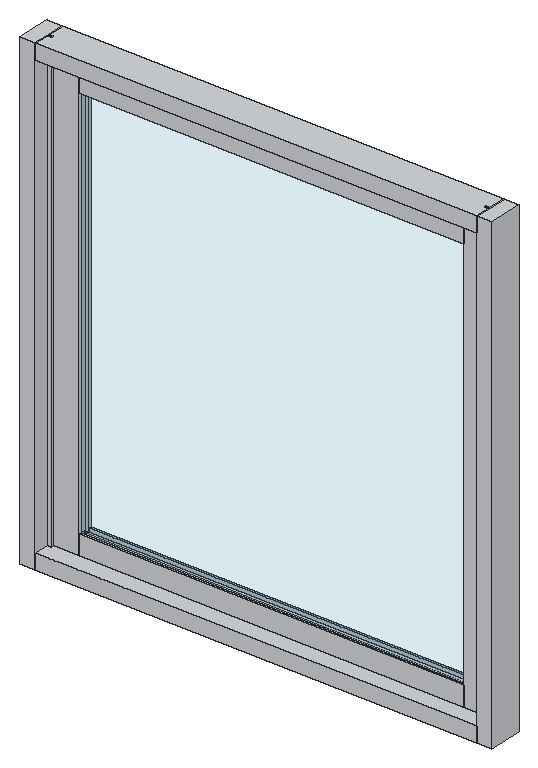
Revit family "Gas Strut Servery Window", category Windows, host Wall, Revit 2021
Family settings
  Host = Wall
  OmniClass Number = 23.30.20.00
  OmniClass Title = Windows
  Always vertical = Yes
  Cut with Voids When Loaded = No
  Shared = No
  Room Calculation Point = No
Parameters (values of type "OX/XO")
  YEAR = "2022"  # constant formula
  Width = 0.0000 mm  # constant formula
  URL = "https://www.alspec.com.au/gas-strut-servery-window"
  Thickness = 0.0000 mm  # constant formula
  Single Glazed Thickness (6-13.5mm) [instance] = 12.0000 mm
  Single Glazed [instance] = not(Double Glazed)  # no
  Sill Offset 2 [instance] = 15.9930 mm  # constant formula
  Sill Offset [instance] = 6.0000 mm  # constant formula
  Sash Material [instance] = none
  Rough Width = 0.0000 mm  # constant formula
  Rough Height = 0.0000 mm  # constant formula
  Overall Width [instance] = 1400.0000 mm
  Offset [instance] = 1400.0000 mm
  Midrail [instance] = no
  Meeting 1 = 45.0000 mm  # constant formula
  Overall Height [instance] = 1400.0000 mm
  Model = "Gas Strut Servery Window"  # constant formula
  Manufacturer = "ALSPEC"
  Height = 0.0000 mm  # constant formula
  Head Offset 2 [instance] = 84.8025 mm  # constant formula
  Head Offset [instance] = 75.0000 mm  # constant formula
  Glazed Material [instance] = Glass
  Frame Material [instance] = none
  External Frame Thk = 44.5000 mm  # constant formula
  Double Glazed Thickness [instance] = 24.0000 mm
  Double Glazed [instance] = yes
  Define Thermal Properties by = Schematic Type
  Default Sill Height = 1400.0000 mm
  Wall Closure = By host
  CREATOR = "Viraj Mhatre"  # constant formula
  COMPANY = "ALSPEC"  # constant formula
  Analytic Construction = "<None>"
  Air Pocket (Double Glazing Only) [instance] = 8.0000 mm  # constant formula
Reference planes
  plane 1 "Center (Front/Back)": y = 0
  plane 2 "Center (Left/Right)": x = 0
  plane 3 "Left": x = -655.5
  plane 4 "Right": x = 655.5
  plane 5 "Sill": z = 1400
  plane 6 "Head": z = 2800
  plane 7 "Exterior": y = 100
  plane 8 "Interior": y = -100
  plane 9: y = -1338
  plane 10: y = 14
  plane 11 "FRAME CENTRE": y = 42
  plane 12: y = -1317.4
  plane 13: x = -655.5
  plane 14: x = 655.5
  plane 15: x = 655.5
  plane 16: x = 20.5
  plane 17: x = -700
  plane 18: x = 700
  plane 19: z = 2755.5
  plane 20: z = 2752.5
  plane 21: x = -2
  plane 22: x = 43
  plane 23: x = -328.75
  plane 24: x = 349.25
  plane 25: y = -1248
  plane 26: z = 2076.25
  plane 27: y = -1350.8
  plane 28: x = -665.5
  plane 29: x = 665.5
  plane 30: y = -1300
  plane 31: y = -1322.5
  plane 32: z = 1419.001
  plane 33: x = -651.5
  plane 34: x = 651.5
Forms (mm)
  Extrusion 1, solid, material <- "Frame Material"
    sketch origin (-655.5, 0, 0) x (0, -1, 0) y (0, 0, 1)
      loop
        line (1355.95, 2755.5) -> (1401.6, 2755.5) -> (1401.6, 2800) -> (1300, 2800) -> (1300, 2755.5) -> (1349.85, 2755.5) -> (1349.85, 2742.837) -> (1355.95, 2742.837) -> (1355.95, 2755.5)
      loop
        line (1401.6, 1400) -> (1401.6, 1444.4) -> (1350.8, 1444.4) -> (1350.8, 1430.9) -> (1358.8, 1430.9) -> (1358.8, 1414) -> (1300, 1414) -> (1300, 1400) -> (1401.6, 1400)
    from -1311 to 0
  Extrusion 2, solid, material <- "Frame Material"
    sketch origin (0, 0, 0) x (1, 0, 0) y (0, 1, 0)
      loop
        line (-700, -1401.6) -> (-655.5, -1401.6) -> (-655.5, -1355.95) -> (-642.837, -1355.95) -> (-642.837, -1349.85) -> (-655.5, -1349.85) -> (-655.5, -1300) -> (-700, -1300) -> (-700, -1401.6)
      loop
        line (700, -1401.6) -> (700, -1300) -> (655.5, -1300) -> (655.5, -1349.85) -> (642.837, -1349.85) -> (642.837, -1355.95) -> (655.5, -1355.95) -> (655.5, -1401.6) -> (700, -1401.6)
    from 1400 to 2800
Lines and regions (mm)
  Opening 1
    outline origin (3600, -100, 75) x (1, 0, 0) y (0, 0, 1)
      loop
        line (-2900, 1325) -> (-2900, 2725) -> (-4300, 2725) -> (-4300, 1325) -> (-2900, 1325)
  Masking region 1
    outline origin (-655.5, 0, 0) x (0, -1, 0) y (0, 0, 1)
      loop
        line (1300, 2755.5) -> (1349.85, 2755.5) -> (1349.85, 2742.837) -> (1355.95, 2742.837) -> (1355.95, 2755.5) -> (1401.6, 2755.5) -> (1401.6, 2800) -> (1300, 2800) -> (1300, 2755.5)
      loop
        line (1401.6, 1400) -> (1401.6, 1444.4) -> (1350.8, 1444.4) -> (1350.8, 1430.9) -> (1358.8, 1430.9) -> (1358.8, 1414) -> (1300, 1414) -> (1300, 1400) -> (1401.6, 1400)
  Masking region 2
    outline origin (0, 0, 0) x (1, 0, 0) y (0, 1, 0)
      loop
        line (-700, -1401.6) -> (-655.5, -1401.6) -> (-655.5, -1355.95) -> (-642.837, -1355.95) -> (-642.837, -1349.85) -> (-655.5, -1349.85) -> (-655.5, -1300) -> (-700, -1300) -> (-700, -1401.6)
      loop
        line (700, -1401.6) -> (700, -1300) -> (655.5, -1300) -> (655.5, -1349.85) -> (642.837, -1349.85) -> (642.837, -1355.95) -> (655.5, -1355.95) -> (655.5, -1401.6) -> (700, -1401.6)
  symbolic lines, style "WindowsHiddenLines"
    curve 1: line (-651.5, -100, 2752.5) -> (0, -100, 1419.001)
    curve 2: line (651.5, -100, 2752.5) -> (0, -100, 1419.001)
Text (mm)
  text "EXTERIOR" at (-1886.484, -724.686, 0), in view "Ref. Level"
  text "INTERIOR" at (-1963.203, 1176.318, 0), in view "Ref. Level"
  text "Exterior" at (0, 923.751, 2943.296), in view "Right"
  text "Exterior" at (0, 1040.484, 2685.409), in view "Left"
Dimensions and locks
  "Overall Height": plane 5 "Sill" to plane 6 "Head"
  locked: plane 7 "Exterior" to host wall
  locked: plane 8 "Interior" to host wall
  "Offset": plane 30 to plane 7 "Exterior"
  "External Frame Thk": plane 4 "Right" to plane 18
  "Overall Width": plane 17 to plane 18
  equal spacing: plane 21, plane 16, plane 22
  "Meeting 1": plane 21 to plane 22
  locked: plane 25 to plane 9 at 90
  equal spacing: plane 21, plane 23, plane 13
  equal spacing: plane 15, plane 24, plane 22
  plane 17 to plane 16 to plane 18 = 720.5000 mm, 679.5000 mm
  equal spacing: plane 13, plane 2 "Center (Left/Right)", plane 15
  "External Frame Thk": plane 17 to plane 13
  locked: plane 28 to plane 13 at 10
  locked: plane 15 to plane 29 at 10
  locked: plane 9 to plane 30 at 38
  plane 12 to plane 9 to plane 27 = 20.6000 mm locked, 12.7997 mm locked
  equal spacing: plane 20, plane 26, plane 5 "Sill"
  "Default Sill Height": plane 5 "Sill" to level
  locked: plane 19 to plane 6 "Head" at 44.5
  locked: plane 19 to plane 20 at 3
  locked: plane 12 to plane 31 at 5.1
  locked: plane 32 to plane 5 "Sill" at 19.001
  locked: plane 34 to plane 15 at 4
  locked: plane 13 to plane 33 at 4
  aligned and locked: Opening 1 sketch curve to plane 6 "Head"
  aligned and locked: plane 13 to plane 3 "Left"
  aligned and locked: plane 14 to plane 4 "Right"
  aligned and locked: plane 17 to Opening 1 sketch curve
  aligned and locked: plane 18 to Opening 1 sketch curve
  aligned and locked: Opening 1 sketch curve to plane 5 "Sill"
  aligned and locked: host wall to level
  aligned and locked: plane 15 to plane 4 "Right"
  aligned and locked: plane 31 to nested 2
  aligned and locked: nested 1 to plane 31
  aligned and locked: nested 2 to plane 13
  aligned and locked: nested 1 to plane 15
  aligned and locked: plane 31 to nested 3
  aligned and locked: plane 31 to nested 4
  aligned and locked: nested 3 to plane 6 "Head"
  aligned and locked: nested 3 to Masking region 1 sketch curve  (x2)
  aligned and locked: Masking region 1 sketch curve to nested 3  (x6)
  aligned and locked: Extrusion 1 sketch curve to nested 3  (x6)
  aligned and locked: nested 3 to Extrusion 1 sketch curve  (x2)
  aligned and locked: plane 15 to Extrusion 1
  aligned and locked: Extrusion 1 to plane 13
  aligned and locked: Masking region 2 sketch curve to nested 2  (x8)
  aligned and locked: Masking region 2 sketch curve to nested 1  (x8)
  aligned and locked: Extrusion 2 sketch curve to nested 2  (x8)
  aligned and locked: Extrusion 2 sketch curve to nested 1  (x8)
  aligned and locked: Extrusion 2 to plane 6 "Head"
  aligned and locked: plane 5 "Sill" to Extrusion 2
  aligned and locked: nested 4 to plane 5 "Sill"
  aligned and locked: Extrusion 1 sketch curve to nested 4  (x7)
  aligned and locked: nested 4 to Extrusion 1 sketch curve
  aligned and locked: Masking region 1 sketch curve to nested 4  (x7)
  aligned and locked: nested 4 to Masking region 1 sketch curve
  aligned and locked: plane 20 to nested 5
  aligned and locked: nested 5 to plane 32
  aligned and locked: nested 6 to plane 32
  aligned and locked: plane 20 to nested 6
  aligned and locked: plane 31 to nested 6
  aligned and locked: plane 31 to nested 5
  aligned and locked: nested 6 to plane 33
  aligned and locked: nested 6 to plane 34
  aligned and locked: nested 5 to plane 34
  aligned and locked: nested 5 to plane 33
  aligned and locked: plane 20 to curve 1
  aligned and locked: plane 34 to curve 2
  aligned and locked: plane 20 to curve 2
  aligned and locked: plane 33 to curve 1
  aligned and locked: plane 32 to curve 2
Automatic sketch dimensions
  Masking region 2 sketch curve to plane 17 = 0.0000 mm
  Masking region 2 sketch curve to plane 3 "Left" = 0.0000 mm  (x2)
  plane 30 to Masking region 2 sketch curve = 0.0000 mm  (x2)
  plane 27 to Masking region 2 sketch curve = 0.9502 mm  (x2)
  Masking region 2 sketch curve to Masking region 2 sketch curve = 12.6630 mm
  Masking region 2 sketch curve to plane 27 = 5.1498 mm  (x2)
  Masking region 2 sketch curve to plane 27 = 50.8003 mm
  Masking region 2 sketch curve to plane 4 "Right" = 0.0000 mm  (x2)
  Masking region 2 sketch curve to plane 18 = 0.0000 mm
  plane 4 "Right" to Masking region 2 sketch curve = 12.6630 mm
  Masking region 2 sketch curve to Masking region 2 sketch curve = 45.6505 mm
  Extrusion 2 sketch curve to plane 17 = 0.0000 mm
  Extrusion 2 sketch curve to plane 3 "Left" = 0.0000 mm  (x2)
  plane 30 to Extrusion 2 sketch curve = 0.0000 mm  (x2)
  plane 27 to Extrusion 2 sketch curve = 0.9502 mm  (x2)
  Extrusion 2 sketch curve to Extrusion 2 sketch curve = 12.6630 mm
  Extrusion 2 sketch curve to plane 27 = 5.1498 mm  (x2)
  Extrusion 2 sketch curve to plane 27 = 50.8003 mm
  Extrusion 2 sketch curve to plane 4 "Right" = 0.0000 mm  (x2)
  Extrusion 2 sketch curve to plane 18 = 0.0000 mm
  plane 4 "Right" to Extrusion 2 sketch curve = 12.6630 mm
  Extrusion 2 sketch curve to Extrusion 2 sketch curve = 45.6505 mm
  plane 2 "Center (Left/Right)" to curve 2 = 0.0000 mm
Nested families
  nested 1: "External Frame_ME1 ME7.dwg" at (651.5, -1322.5, 0) x (-1, 0, 0) z (0, 0, 1), type "External Frame_ME1 ME7.dwg", detail levels fine
  nested 2: "External Frame_ME1 ME7.dwg" at (-651.5, -1322.5, 0), type "External Frame_ME1 ME7.dwg", detail levels fine
  nested 3: "External Head_ME1 ME7.dwg" at (-655.5, -1322.5, 2752.5) x (0, -1, 0) z (-1, 0, 0), type "External Head_ME1 ME7.dwg", detail levels fine
  nested 4: "External Sill_AS2366.dwg" at (-655.5, -1322.5, 1419.001) x (0, -1, 0) z (-1, 0, 0), type "External Sill_AS2366.dwg", detail levels fine
  nested 5: "Gas Strut Window- DG Panel" at (0, -1322.5, 1419.001), visible <- "Double Glazed", type "Torrens  Pane Slidingl_Dbl Glzd"
    with Sash Material none, Panel Width 1303.0000 mm, Height 1333.4986 mm, Glazed Material Glass, Frame Material none, Double Glazed Thickness 24.0000 mm, DG Control 24.0000 mm
  nested 6: "Gas Strut Window- SG Panel" at (0, -1322.5, 1419.001), visible <- "Single Glazed", type "Torrens  Pane Slidingl_Dbl Glzd"
    with Single Glazed Thickness 8.0000 mm, Sash Material none, SG Control 8.0000 mm, Panel Width 1303.0000 mm, Height 1333.4986 mm, Glazed Material Glass, Frame Material none
Definition of nested family "Gas Strut Window- DG Panel"
  Parameters (values of type "Torrens  Pane Slidingl_Dbl Glzd")
    URL = "https://www.alspec.com.au/torrens-45mm-commercial-shopfront-door"
    Sash Material [instance] = none
    Panel Width [instance] = 900.0000 mm
    Model = "Torrens 45mm Commercial Shopfront Door- Bottom Track Double- SG&DG"
    Manufacturer = "ALSPEC"  # constant formula
    Height [instance] = 1800.0000 mm
    Glazed Material [instance] = none
    Frame Material [instance] = none
    Double Glazed Thickness [instance] = 24.0000 mm
    Default Elevation = 0.0000 mm
    DG Control [instance] = if(Double Glazed Thickness > 28.0000 mm, 28.0000 mm, if(Double Glazed Thickness < 18.0000 mm, 18.0000 mm, Double Glazed Thickness))  # 24.0000 mm
    Creator = "Viraj Mhatre"  # constant formula
    Air Pocket = 10.0000 mm
  Reference planes
    plane 1 "Center (Front/Back)": y = 0
    plane 2: z = 0
    plane 3 "Center (Left/Right)": x = 0
    plane 4: x = -450
    plane 5: x = 450
    plane 6: x = -382
    plane 7: x = 382
    plane 8: z = 1800
    plane 9: z = 68
    plane 10: z = 1732
    plane 11: z = 900
    plane 12: z = 80
    plane 13: z = 1720
    plane 14: x = 370
    plane 15: x = -370
    plane 16: y = 12
    plane 17: y = -12
    plane 18: y = 5
    plane 19: y = -5
  Forms (mm)
    Extrusion 1, solid, material <- "Sash Material"
      sketch origin (0, 0, 0) x (1, 0, 0) y (0, 1, 0)
        loop
          line (450, -22.5) -> (450, 22.5) -> (370, 22.5) -> (370, 15.044) -> (382, 15.044) -> (382, -15.044) -> (370, -15.044) -> (370, -22.5) -> (450, -22.5)
        loop
          line (-450, -22.5) -> (-370, -22.5) -> (-370, -15.044) -> (-382, -15.044) -> (-382, 15.044) -> (-370, 15.044) -> (-370, 22.5) -> (-450, 22.5) -> (-450, -22.5)
      from 0 to 1800
    Extrusion 2, solid, material <- "Sash Material"
      sketch origin (0, 0, 0) x (0, 1, 0) y (0, 0, 1)
        loop
          line (-22.5, 1800) -> (-22.5, 1720) -> (-15.286, 1720) -> (-15.286, 1732) -> (15.286, 1732) -> (15.286, 1720) -> (22.5, 1720) -> (22.5, 1800) -> (-22.5, 1800)
        loop
          line (-22.5, 0) -> (22.5, 0) -> (22.5, 80) -> (15.286, 80) -> (15.286, 68) -> (-15.286, 68) -> (-15.286, 80) -> (-22.5, 80) -> (-22.5, 0)
      from -370 to 370
    Extrusion 3, solid, material <- "Glazed Material"
      sketch origin (0, 0, 0) x (1, 0, 0) y (0, 1, 0)
        loop
          line (-382, 12) -> (-382, 5) -> (382, 5) -> (382, 12) -> (-382, 12)
        loop
          line (-382, -5) -> (-382, -12) -> (382, -12) -> (382, -5) -> (-382, -5)
      from 68 to 1732
  Lines and regions (mm)
    Masking region 1
      outline origin (0, 0, 0) x (1, 0, 0) y (0, 1, 0)
        loop
          line (450, -22.5) -> (450, 22.5) -> (370, 22.5) -> (370, 15.044) -> (382, 15.044) -> (382, -15.044) -> (370, -15.044) -> (370, -22.5) -> (450, -22.5)
        loop
          line (-450, -22.5) -> (-370, -22.5) -> (-370, -15.044) -> (-382, -15.044) -> (-382, 15.044) -> (-370, 15.044) -> (-370, 22.5) -> (-450, 22.5) -> (-450, -22.5)
    Masking region 2
      outline origin (0, 0, 0) x (0, 1, 0) y (0, 0, 1)
        loop
          line (22.5, 1720) -> (22.5, 1800) -> (-22.5, 1800) -> (-22.5, 1720) -> (-15.286, 1720) -> (-15.286, 1732) -> (15.286, 1732) -> (15.286, 1720) -> (22.5, 1720)
        loop
          line (-22.5, 0) -> (22.5, 0) -> (22.5, 80) -> (15.286, 80) -> (15.286, 68) -> (-15.286, 68) -> (-15.286, 80) -> (-22.5, 80) -> (-22.5, 0)
  Dimensions and locks
    equal spacing: plane 4, plane 3 "Center (Left/Right)", plane 5
    "Panel Width": plane 4 to plane 5
    equal spacing: plane 8, plane 11, plane 2
    equal spacing: plane 16, plane 1 "Center (Front/Back)", plane 17
    "DG Control": plane 16 to plane 17
    "Height": plane 8 to plane 2
    equal spacing: plane 18, plane 1 "Center (Front/Back)", plane 19
    "Air Pocket": plane 18 to plane 19
    locked: plane 4 to plane 6 at 68
    locked: plane 6 to plane 15 at 12
    locked: plane 14 to plane 7 at 12
    locked: plane 7 to plane 5 at 68
    locked: plane 8 to plane 10 at 68
    locked: plane 10 to plane 13 at 12
    locked: plane 12 to plane 9 at 12
    locked: plane 9 to level at 68
    aligned and locked: level to plane 2
    aligned and locked: plane 8 to Extrusion 1
    aligned and locked: Extrusion 1 to plane 2
    aligned and locked: plane 14 to Extrusion 2
    aligned and locked: Extrusion 2 to plane 15
    aligned and locked: plane 1 "Center (Front/Back)" to nested 1
    aligned and locked: nested 2 to plane 1 "Center (Front/Back)"
    aligned and locked: nested 3 to plane 13
    aligned and locked: nested 4 to plane 1 "Center (Front/Back)"
    aligned and locked: plane 1 "Center (Front/Back)" to nested 3
    aligned and locked: Extrusion 2 sketch curve to nested 3  (x8)
    aligned and locked: Extrusion 2 sketch curve to nested 4  (x8)
    aligned and locked: Masking region 2 sketch curve to nested 3  (x8)
    aligned and locked: Masking region 2 sketch curve to nested 4  (x8)
    aligned and locked: Extrusion 3 sketch curve to plane 16
    aligned and locked: Extrusion 3 sketch curve to plane 18
    aligned and locked: Extrusion 3 sketch curve to plane 19
    aligned and locked: Extrusion 3 sketch curve to plane 17
    aligned and locked: Extrusion 3 sketch curve to Extrusion 3 sketch curve  (x2)
    aligned and locked: Extrusion 3 to plane 6
    aligned and locked: plane 7 to Extrusion 3
    aligned and locked: Extrusion 3 to plane 9
    aligned and locked: plane 10 to Extrusion 3
    aligned and locked: plane 14 to nested 2
    aligned and locked: Masking region 1 sketch curve to nested 2  (x8)
    aligned and locked: Extrusion 1 sketch curve to nested 2  (x8)
    aligned and locked: plane 15 to nested 1
    aligned and locked: Masking region 1 sketch curve to nested 1  (x8)
    aligned and locked: Extrusion 1 sketch curve to nested 1  (x8)
  Automatic sketch dimensions
    Extrusion 2 sketch curve to plane 13 = 0.0000 mm  (x2)
    Extrusion 2 sketch curve to plane 10 = 0.0000 mm
    Extrusion 2 sketch curve to plane 8 = 0.0000 mm
    Extrusion 2 sketch curve to plane 17 = 10.5000 mm  (x2)
    Extrusion 2 sketch curve to plane 17 = 3.2861 mm  (x2)
    plane 16 to Extrusion 2 sketch curve = 3.2861 mm  (x2)
    plane 16 to Extrusion 2 sketch curve = 10.5000 mm
    Extrusion 2 sketch curve to plane 12 = 0.0000 mm  (x2)
    Extrusion 2 sketch curve to level = 0.0000 mm
    Extrusion 2 sketch curve to plane 9 = 0.0000 mm
    Extrusion 2 sketch curve to Extrusion 2 sketch curve = 7.2139 mm
    Masking region 2 sketch curve to plane 13 = 0.0000 mm  (x2)
    Masking region 2 sketch curve to plane 8 = 0.0000 mm
    Masking region 2 sketch curve to plane 10 = 0.0000 mm
    Masking region 2 sketch curve to plane 17 = 10.5000 mm  (x2)
    Masking region 2 sketch curve to plane 17 = 3.2861 mm  (x2)
    plane 16 to Masking region 2 sketch curve = 3.2861 mm  (x2)
    plane 16 to Masking region 2 sketch curve = 10.5000 mm
    Masking region 2 sketch curve to level = 0.0000 mm
    Masking region 2 sketch curve to plane 12 = 0.0000 mm  (x2)
    Masking region 2 sketch curve to plane 9 = 0.0000 mm
    Masking region 2 sketch curve to Masking region 2 sketch curve = 7.2139 mm
    Extrusion 3 sketch curve to Extrusion 3 sketch curve = 764.0000 mm
    plane 4 to Extrusion 3 sketch curve = 832.0000 mm
    Masking region 1 sketch curve to plane 14 = 0.0000 mm  (x2)
    Masking region 1 sketch curve to plane 7 = 0.0000 mm
    Masking region 1 sketch curve to plane 5 = 0.0000 mm
    Masking region 1 sketch curve to plane 17 = 10.5000 mm  (x2)
    Masking region 1 sketch curve to plane 17 = 3.0445 mm  (x2)
    plane 16 to Masking region 1 sketch curve = 3.0445 mm  (x2)
    plane 16 to Masking region 1 sketch curve = 10.5000 mm
    Extrusion 1 sketch curve to plane 14 = 0.0000 mm  (x2)
    Extrusion 1 sketch curve to plane 7 = 0.0000 mm
    Extrusion 1 sketch curve to plane 5 = 0.0000 mm
    Extrusion 1 sketch curve to plane 17 = 10.5000 mm  (x2)
    Extrusion 1 sketch curve to plane 17 = 3.0445 mm  (x2)
    plane 16 to Extrusion 1 sketch curve = 3.0445 mm  (x2)
    plane 16 to Extrusion 1 sketch curve = 10.5000 mm
    Masking region 1 sketch curve to plane 4 = 0.0000 mm
    Masking region 1 sketch curve to plane 6 = 0.0000 mm
    Masking region 1 sketch curve to plane 15 = 0.0000 mm  (x2)
    Masking region 1 sketch curve to Masking region 1 sketch curve = 7.4555 mm
    Extrusion 1 sketch curve to plane 4 = 0.0000 mm
    Extrusion 1 sketch curve to plane 6 = 0.0000 mm
    Extrusion 1 sketch curve to plane 15 = 0.0000 mm  (x2)
    Extrusion 1 sketch curve to Extrusion 1 sketch curve = 7.4555 mm
  Nested families
    nested 1: "Jamb_SE422-DG.dwg" at (-450, 0, 0), type "Jamb_SE422-DG.dwg"
    nested 2: "Jamb_SE422-DG.dwg" at (450, 0, 0) x (-1, 0, 0) z (0, 0, 1), type "Jamb_SE422-DG.dwg"
    nested 3: "Internal Head & Sill_SE422- DG.dwg" at (0, 0, 1800) x (0, -1, 0) z (1, 0, 0), type "Internal Head & Sill_SE422- DG.dwg"
    nested 4: "Internal Head & Sill_SE422- DG.dwg" at (0, 0, 0) x (0, -1, 0) z (1, 0, 0), type "Internal Head & Sill_SE422- DG.dwg"
  Definition of nested family "Jamb_SE422-DG.dwg"
    Reference planes
      plane 1 "Center (Front/Back)": y = 0
      plane 2: z = 0
      plane 3 "Center (Left/Right)": x = 0
      plane 4: x = 80
      plane 5: x = 68
      plane 6: y = 22.5
      plane 7: y = -22.5
    Dimensions and locks
      aligned and locked: plane 3 "Center (Left/Right)" to import instance
      aligned and locked: import instance to plane 1 "Center (Front/Back)"
      aligned and locked: plane 7 to import instance
      aligned and locked: plane 6 to import instance
      aligned and locked: plane 5 to import instance
      aligned and locked: plane 4 to import instance
  Definition of nested family "Internal Head & Sill_SE422- DG.dwg"
    Reference planes
      plane 1 "Center (Front/Back)": y = 0
      plane 2: z = 0
      plane 3 "Center (Left/Right)": x = 0
      plane 4: y = 80
      plane 5: y = 68
      plane 6: x = 22.5
      plane 7: x = -22.5
    Dimensions and locks
      aligned and locked: import instance to plane 3 "Center (Left/Right)"
      aligned and locked: plane 1 "Center (Front/Back)" to import instance
      aligned and locked: plane 7 to import instance
      aligned and locked: plane 6 to import instance
      aligned and locked: plane 5 to import instance
      aligned and locked: plane 4 to import instance
Definition of nested family "Gas Strut Window- SG Panel"
  Parameters (values of type "Torrens  Pane Slidingl_Dbl Glzd")
    URL = "https://www.alspec.com.au/torrens-45mm-commercial-shopfront-door"
    Sash Material [instance] = none
    Panel Width [instance] = 900.0000 mm
    Model = "Torrens 45mm Commercial Shopfront Door- Bottom Track Double- SG&DG"
    Manufacturer = "ALSPEC"  # constant formula
    Height [instance] = 1800.0000 mm
    Glazed Material [instance] = none
    Frame Material [instance] = none
    Single Glazed Thickness [instance] = 8.0000 mm
    Default Elevation = 0.0000 mm
    SG Control [instance] = if(Single Glazed Thickness > 10.3800 mm, 10.3800 mm, if(Single Glazed Thickness < 4.0000 mm, 4.0000 mm, Single Glazed Thickness))  # 8.0000 mm
    Creator = "Viraj Mhatre"  # constant formula
  Reference planes
    plane 1 "Center (Front/Back)": y = 0
    plane 2: z = 0
    plane 3 "Center (Left/Right)": x = 0
    plane 4: x = -450
    plane 5: x = 450
    plane 6: x = -385
    plane 7: x = 385
    plane 8: z = 1800
    plane 9: z = 65
    plane 10: z = 1735
    plane 11: z = 900
    plane 12: z = 75
    plane 13: z = 1725
    plane 14: x = 375
    plane 15: x = -375
    plane 16: y = 4
    plane 17: y = -4
  Forms (mm)
    Extrusion 1, solid, material <- "Sash Material"
      sketch origin (0, 0, 0) x (1, 0, 0) y (0, 1, 0)
        loop
          line (-450, -22.5) -> (-375, -22.5) -> (-375, -9.032) -> (-385, -9.032) -> (-385, 9.032) -> (-375, 9.032) -> (-375, 22.5) -> (-450, 22.5) -> (-450, -22.5)
        loop
          line (450, -22.5) -> (450, 22.5) -> (375, 22.5) -> (375, 9.032) -> (385, 9.032) -> (385, -9.032) -> (375, -9.032) -> (375, -22.5) -> (450, -22.5)
      from 0 to 1800
    Extrusion 2, solid, material <- "Sash Material"
      sketch origin (0, 0, 0) x (0, 1, 0) y (0, 0, 1)
        loop
          line (-22.5, 1800) -> (-22.5, 1725) -> (-8.771, 1725) -> (-8.771, 1735) -> (8.771, 1735) -> (8.771, 1725) -> (22.5, 1725) -> (22.5, 1800) -> (-22.5, 1800)
        loop
          line (-22.5, 0) -> (22.5, 0) -> (22.5, 75) -> (8.771, 75) -> (8.771, 65) -> (-8.771, 65) -> (-8.771, 75) -> (-22.5, 75) -> (-22.5, 0)
      from -375 to 375
    Extrusion 3, solid, material <- "Glazed Material"
      sketch origin (0, 0, 0) x (1, 0, 0) y (0, 1, 0)
        loop
          line (-385, 4) -> (-385, -4) -> (385, -4) -> (385, 4) -> (-385, 4)
      from 65 to 1735
  Lines and regions (mm)
    Masking region 1
      outline origin (0, 0, 0) x (1, 0, 0) y (0, 1, 0)
        loop
          line (-450, -22.5) -> (-375, -22.5) -> (-375, -9.032) -> (-385, -9.032) -> (-385, 9.032) -> (-375, 9.032) -> (-375, 22.5) -> (-450, 22.5) -> (-450, -22.5)
        loop
          line (450, -22.5) -> (450, 22.5) -> (375, 22.5) -> (375, 9.032) -> (385, 9.032) -> (385, -9.032) -> (375, -9.032) -> (375, -22.5) -> (450, -22.5)
    Masking region 2
      outline origin (0, 0, 0) x (0, 1, 0) y (0, 0, 1)
        loop
          line (-22.5, 1800) -> (-22.5, 1725) -> (-8.771, 1725) -> (-8.771, 1735) -> (8.771, 1735) -> (8.771, 1725) -> (22.5, 1725) -> (22.5, 1800) -> (-22.5, 1800)
        loop
          line (-22.5, 0) -> (22.5, 0) -> (22.5, 75) -> (8.771, 75) -> (8.771, 65) -> (-8.771, 65) -> (-8.771, 75) -> (-22.5, 75) -> (-22.5, 0)
  Dimensions and locks
    equal spacing: plane 4, plane 3 "Center (Left/Right)", plane 5
    "Panel Width": plane 4 to plane 5
    equal spacing: plane 8, plane 11, plane 2
    equal spacing: plane 16, plane 1 "Center (Front/Back)", plane 17
    "SG Control": plane 16 to plane 17
    "Height": plane 8 to plane 2
    locked: plane 4 to plane 6 at 65
    locked: plane 6 to plane 15 at 10
    locked: plane 14 to plane 7 at 10
    locked: plane 7 to plane 5 at 65
    locked: plane 8 to plane 10 at 65
    locked: plane 10 to plane 13 at 10
    locked: plane 12 to plane 9 at 10
    locked: plane 9 to level at 65
    aligned and locked: level to plane 2
    aligned and locked: plane 8 to Extrusion 1
    aligned and locked: Extrusion 1 to plane 2
    aligned and locked: plane 14 to Extrusion 2
    aligned and locked: Extrusion 2 to plane 15
    aligned and locked: plane 16 to Extrusion 3 sketch curve
    aligned and locked: Extrusion 3 sketch curve to plane 17
    aligned and locked: Extrusion 3 to plane 6
    aligned and locked: plane 7 to Extrusion 3
    aligned and locked: Extrusion 3 to plane 9
    aligned and locked: plane 10 to Extrusion 3
    aligned and locked: plane 15 to nested 1
    aligned and locked: plane 14 to nested 2
    aligned and locked: plane 1 "Center (Front/Back)" to nested 1
    aligned and locked: nested 2 to plane 1 "Center (Front/Back)"
    aligned and locked: Masking region 1 sketch curve to nested 1  (x8)
    aligned and locked: Masking region 1 sketch curve to nested 2  (x8)
    aligned and locked: Extrusion 1 sketch curve to nested 1  (x8)
    aligned and locked: Extrusion 1 sketch curve to nested 2  (x8)
    aligned and locked: plane 1 "Center (Front/Back)" to nested 3
    aligned and locked: nested 4 to plane 1 "Center (Front/Back)"
    aligned and locked: Extrusion 2 sketch curve to nested 3  (x8)
    aligned and locked: Masking region 2 sketch curve to nested 3  (x8)
    aligned and locked: Extrusion 2 sketch curve to nested 4  (x8)
    aligned and locked: Masking region 2 sketch curve to nested 4  (x8)
    aligned and locked: plane 12 to nested 4
    aligned and locked: plane 13 to nested 3
  Automatic sketch dimensions
    plane 4 to Extrusion 3 sketch curve = 65.0000 mm
    Extrusion 3 sketch curve to Extrusion 3 sketch curve = 770.0000 mm
    Masking region 1 sketch curve to plane 4 = 0.0000 mm
    Masking region 1 sketch curve to plane 6 = 0.0000 mm
    Masking region 1 sketch curve to plane 15 = 0.0000 mm  (x2)
    Masking region 1 sketch curve to plane 17 = 18.5000 mm  (x2)
    Masking region 1 sketch curve to plane 17 = 5.0318 mm  (x2)
    plane 16 to Masking region 1 sketch curve = 5.0318 mm  (x2)
    plane 16 to Masking region 1 sketch curve = 18.5000 mm
    Masking region 1 sketch curve to plane 14 = 0.0000 mm  (x2)
    Masking region 1 sketch curve to plane 7 = 0.0000 mm
    Masking region 1 sketch curve to plane 5 = 0.0000 mm
    Masking region 1 sketch curve to Masking region 1 sketch curve = 13.4682 mm
    Extrusion 1 sketch curve to plane 4 = 0.0000 mm
    Extrusion 1 sketch curve to plane 6 = 0.0000 mm
    Extrusion 1 sketch curve to plane 15 = 0.0000 mm  (x2)
    Extrusion 1 sketch curve to plane 17 = 18.5000 mm  (x2)
    Extrusion 1 sketch curve to plane 17 = 5.0318 mm  (x2)
    plane 16 to Extrusion 1 sketch curve = 5.0318 mm  (x2)
    plane 16 to Extrusion 1 sketch curve = 18.5000 mm
    Extrusion 1 sketch curve to plane 14 = 0.0000 mm  (x2)
    Extrusion 1 sketch curve to plane 7 = 0.0000 mm
    Extrusion 1 sketch curve to plane 5 = 0.0000 mm
    Extrusion 1 sketch curve to Extrusion 1 sketch curve = 13.4682 mm
    Extrusion 2 sketch curve to plane 8 = 0.0000 mm
    Extrusion 2 sketch curve to plane 13 = 0.0000 mm  (x2)
    Extrusion 2 sketch curve to plane 10 = 0.0000 mm
    Extrusion 2 sketch curve to plane 17 = 18.5000 mm  (x2)
    Extrusion 2 sketch curve to plane 17 = 4.7708 mm  (x2)
    plane 16 to Extrusion 2 sketch curve = 4.7708 mm  (x2)
    plane 16 to Extrusion 2 sketch curve = 18.5000 mm
    Masking region 2 sketch curve to plane 8 = 0.0000 mm
    Masking region 2 sketch curve to plane 13 = 0.0000 mm  (x2)
    Masking region 2 sketch curve to plane 10 = 0.0000 mm
    Masking region 2 sketch curve to plane 17 = 18.5000 mm  (x2)
    Masking region 2 sketch curve to plane 17 = 4.7708 mm  (x2)
    plane 16 to Masking region 2 sketch curve = 4.7708 mm  (x2)
    plane 16 to Masking region 2 sketch curve = 18.5000 mm
    Extrusion 2 sketch curve to level = 0.0000 mm
    Extrusion 2 sketch curve to plane 9 = 0.0000 mm
    Extrusion 2 sketch curve to plane 12 = 0.0000 mm  (x2)
    Extrusion 2 sketch curve to Extrusion 2 sketch curve = 13.7292 mm
    Masking region 2 sketch curve to level = 0.0000 mm
    Masking region 2 sketch curve to plane 9 = 0.0000 mm
    Masking region 2 sketch curve to plane 12 = 0.0000 mm  (x2)
    Masking region 2 sketch curve to Masking region 2 sketch curve = 13.7292 mm
  Nested families
    nested 1: "Jamb_SE22-SG.dwg" at (-375, 0, 0), type "Jamb_SE22-SG.dwg", detail levels fine
    nested 2: "Jamb_SE22-SG.dwg" at (375, 0, 0) x (-1, 0, 0) z (0, 0, 1), type "Jamb_SE22-SG.dwg", detail levels fine
    nested 3: "Internal Head & Sill_SE422- SG.dwg" at (0, 0, 1725) x (0, -1, 0) z (1, 0, 0), type "Internal Head & Sill_SE422- SG.dwg", detail levels fine
    nested 4: "Internal Head & Sill_SE422- SG.dwg" at (0, 0, 75) x (0, -1, 0) z (1, 0, 0), type "Internal Head & Sill_SE422- SG.dwg", detail levels fine
  Definition of nested family "Jamb_SE22-SG.dwg"
    Reference planes
      plane 1 "Center (Front/Back)": y = 0
      plane 2: z = 0
      plane 3 "Center (Left/Right)": x = 0
      plane 4: x = -10
      plane 5: through (-75.276, 79.692, 4000) normal (1, 0.0042, 0)
      plane 6: y = 22.5
      plane 7: y = -22.5
    Dimensions and locks
      aligned and locked: import instance to plane 1 "Center (Front/Back)"
      aligned and locked: import instance to plane 3 "Center (Left/Right)"
      aligned and locked: plane 5 to import instance
      aligned and locked: plane 6 to import instance
      aligned and locked: plane 7 to import instance
      aligned and locked: plane 4 to import instance
  Definition of nested family "Internal Head & Sill_SE422- SG.dwg"
    Reference planes
      plane 1 "Center (Front/Back)": y = 0
      plane 2: z = 0
      plane 3 "Center (Left/Right)": x = 0
      plane 4: through (-157.13, -74.277, 4000) normal (0.0042, 1, 0)
      plane 5: y = -10
      plane 6: x = 22.5
      plane 7: x = -22.5
    Dimensions and locks
      aligned and locked: import instance to plane 1 "Center (Front/Back)"
      aligned and locked: import instance to plane 3 "Center (Left/Right)"
      aligned and locked: plane 7 to import instance
      aligned and locked: plane 6 to import instance
      aligned and locked: plane 4 to import instance
      aligned and locked: plane 5 to import instance
Definition of nested family "External Frame_ME1 ME7.dwg"
  Reference planes
    plane 1 "Center (Front/Back)": y = 0
    plane 2: z = 0
    plane 3 "Center (Left/Right)": x = 0
    plane 4: y = 79.1
    plane 5: y = -22.5
    plane 6: x = -48.5
    plane 7: y = 28.3
    plane 8: x = -4
  Dimensions and locks
    aligned and locked: plane 3 "Center (Left/Right)" to import instance
    aligned and locked: import instance to plane 1 "Center (Front/Back)"
    aligned and locked: plane 4 to import instance
    aligned and locked: plane 6 to import instance
    aligned and locked: plane 5 to import instance
    aligned and locked: plane 7 to import instance
    aligned and locked: plane 8 to import instance
Definition of nested family "External Head_ME1 ME7.dwg"
  Reference planes
    plane 1 "Center (Front/Back)": y = 0
    plane 2: z = 0
    plane 3 "Center (Left/Right)": x = 0
    plane 4: y = 47.5
    plane 5: x = 79.1
    plane 6: x = -22.5
    plane 7: y = 3
  Dimensions and locks
    aligned and locked: import instance to plane 1 "Center (Front/Back)"
    aligned and locked: plane 3 "Center (Left/Right)" to import instance
    aligned and locked: plane 7 to import instance
    aligned and locked: plane 6 to import instance
    aligned and locked: plane 5 to import instance
    aligned and locked: plane 4 to import instance
Definition of nested family "External Sill_AS2366.dwg"
  Reference planes
    plane 1 "Center (Front/Back)": y = 0
    plane 2: z = 0
    plane 3 "Center (Left/Right)": x = 0
    plane 4: y = -5.001
    plane 5: y = -19.001
    plane 6: y = 25.399
    plane 7: x = 79.1
    plane 8: x = -22.5
  Dimensions and locks
    aligned and locked: import instance to plane 1 "Center (Front/Back)"
    aligned and locked: import instance to plane 3 "Center (Left/Right)"
    aligned and locked: plane 8 to import instance
    aligned and locked: plane 7 to import instance
    aligned and locked: plane 5 to import instance
    aligned and locked: plane 6 to import instance
    aligned and locked: plane 4 to import instance
